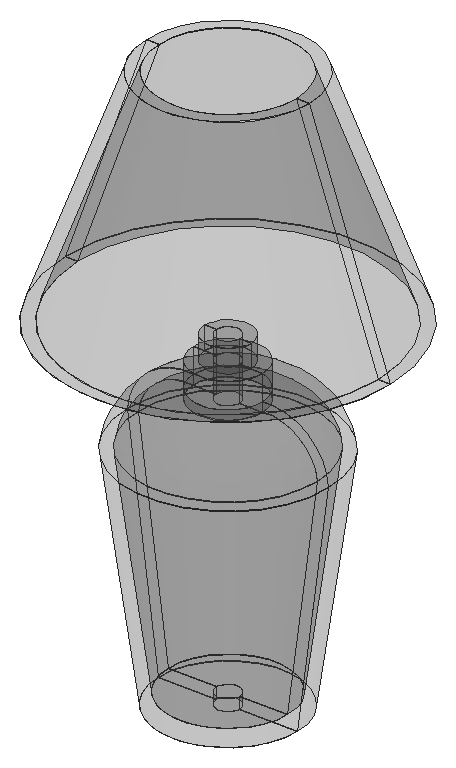
Revit family "M_Abajur de mesa - Padrão", category Luminárias, Revit 2019
Family settings
  Cota do conector redondo = Utilizar diâmetro
  Tipo de parte = Normal
  Número OmniClass = 23.80.70.11.11
  Título OmniClass = General Luminaries, Non Directional
  ID de item do Seek = Table Lamp - Standard-0000-CAN-ENU
  Com base no plano de trabalho = Não
  Sempre na vertical = Sim
  Corte com vazios quando carregada = Não
  Fonte luminosa = Sim
  Compartilhado = Não
  Ponto de cálculo do ambiente = Não
Parameters (values of type "100W - 120V")
  Wattage = 100 W
  built-in parameter 1150110 = 1 (stored number, unit not read)
  built-in parameter 1114217 = 1 (stored number, unit not read)
  built-in parameter 1150109 = 1 (stored number, unit not read)
  built-in parameter 1150134 = 4
  built-in parameter 1150113 = 1 (stored number, unit not read)
  Tilt Angle = 90.00°
  Arquivo de rede fotométrica = "TLAE1A21.ies"
  built-in parameter 1150115 = 1 (stored number, unit not read)
  built-in parameter 1150105 = 95.493 (stored number, unit not read)
  Classificação de carga = Iluminação - Unidade de interrupção
  built-in parameter 1150137 = 1
  built-in parameter 1150139 = (empty or 0)
  built-in parameter 1150112 = 1 (stored number, unit not read)
  built-in parameter 1150114 = 1 (stored number, unit not read)
  built-in parameter 1150132 = (empty or 0)
  built-in parameter 1150102 = (empty or 0)
  built-in parameter 1150138 = (empty or 0)
  built-in parameter 1150107 = 2800 (stored number, unit not read)
  built-in parameter 1150106 = 0.95493 (stored number, unit not read)
  built-in parameter 1150104 = 1.1148 (stored number, unit not read)
  Dimming Lamp Color Temperature Shift = (empty or 0)
  Color Filter = 16777215
  built-in parameter 1140040 [instance] = 1
  Voltagem = 120 V
  Número de pólos = 1
  built-in parameter 1114218 = 1 (stored number, unit not read)
  built-in parameter 1150133 = 10 (stored number, unit not read)
  Código de montagem = "D5020220"
  Material base = Porcelana, Azul marinho
  Lâmpada = "R-30"
  Lumens = 1200 lm
  Material de sombra = Pano, Sombra da lâmpada
  Wattage Comments = ""
  Carga aparente = 100 VA
Types (5, lengths in mm): name | Wattage | Arquivo de rede fotométrica | built-in parameter 1150105 | built-in parameter 1150106 | built-in parameter 1150104 | Voltagem | Lâmpada | Lumens | Carga aparente
  (no name) | 100 W | "TLAE1A21.ies" | 95.493 (stored number, unit not read) | 0.95493 (stored number, unit not read) | 1.1148 (stored number, unit not read) | 120 V | "R-30" | 1200 lm | 100 VA
  60W - 120V | 60 W | "TLAE1A19.ies" | 68.039 (stored number, unit not read) | 0.68039 (stored number, unit not read) | 1.3239 (stored number, unit not read) | 120 V | "A-19" | 855 lm | 60 VA
  60W - 277V | 60 W | "TLAE1A19.ies" | 68.039 (stored number, unit not read) | 0.68039 (stored number, unit not read) | 1.3239 (stored number, unit not read) | 277 V | "A-19" | 855 lm | 60 VA
  100W - 120V | 100 W | "TLAE1A21.ies" | 95.493 (stored number, unit not read) | 0.95493 (stored number, unit not read) | 1.1148 (stored number, unit not read) | 120 V | "R-30" | 1200 lm | 100 VA
  100W - 277V | 100 W | "TLAE1A21.ies" | 95.493 (stored number, unit not read) | 0.95493 (stored number, unit not read) | 1.1148 (stored number, unit not read) | 277 V | "R-30" | 1200 lm | 100 VA
Reference planes
  plane 1 "Eixo de origem da luz": y = 0
  plane 2: z = 0
  plane 3 "Eixo de origem da luz": x = 0
  plane 4 "Elevação da origem da luz": z = 482.6
Forms (mm)
  Revolve 1, solid, material "Porcelana, Azul marinho" <- "Material base"
    sketch origin (0, 0, 0) x (1, 0, 0) y (0, 0, 1)
      loop
        line (12.7, 0) -> (76.2, 0) -> (110.729, 251.66)
        arc (110.729, 251.66) -> (86.628, 296.269) -> (38.1, 310.962) r 66.562
        line (38.1, 310.962) -> (38.1, 300.415)
        arc (38.1, 300.415) -> (77.735, 289.414) -> (98.187, 253.725) r 54.117
        line (98.187, 253.725) -> (65.543, 12.7) -> (12.7, 12.7) -> (12.7, 0)
      axis (0, 0) -> (0, 310.962)
    angle from 0 to 360
  Revolve 2, solid, material "Porcelana, Azul marinho" <- "Material base"
    sketch origin (0, 0, 0) x (1, 0, 0) y (0, 0, 1)
      loop
        line (38.1, 300.415) -> (38.1, 338.515) -> (12.7, 338.515) -> (12.7, 300.415) -> (38.1, 300.415)
      axis (0, 338.515) -> (0, 300.415)
    angle from 0 to 360
  Revolve 3, solid, material "Porcelana, Azul marinho" <- "Material base"
    sketch origin (0, 0, 0) x (1, 0, 0) y (0, 0, 1)
      loop
        line (12.7, 338.515) -> (25.4, 338.515) -> (25.4, 363.915) -> (12.7, 363.915) -> (12.7, 338.515)
      axis (0, 363.915) -> (0, 338.515)
    angle from 0 to 360
  Revolve 4, solid, material "Pano, Sombra da lâmpada" <- "Material de sombra"
    sketch origin (0, 0, 0) x (1, 0, 0) y (0, 0, 1)
      loop
        line (164.732, 376.823) -> (178.671, 376.823) -> (89.373, 622.168) -> (75.433, 622.168) -> (164.732, 376.823)
      axis (0, 622.168) -> (0, 376.823)
    angle from 0 to 360
Lines and regions (mm)
  symbolic lines
    curve 1: arc (178.671, 0, 0) -> (0, 178.671, 0) -> (-178.671, 0, 0) r 178.671
    curve 2: arc (-178.671, 0, 0) -> (0, -178.671, 0) -> (178.671, 0, 0) r 178.671
    curve 3: arc (89.373, 0, 0) -> (0, 89.373, 0) -> (-89.373, 0, 0) r 89.373
    curve 4: arc (-89.373, 0, 0) -> (0, -89.373, 0) -> (89.373, 0, 0) r 89.373
Dimensions and locks
  aligned and locked: imposter light to plane 3 "Eixo de origem da luz"
  aligned and locked: plane 1 "Eixo de origem da luz" to imposter light
  aligned and locked: plane 4 "Elevação da origem da luz" to imposter light
